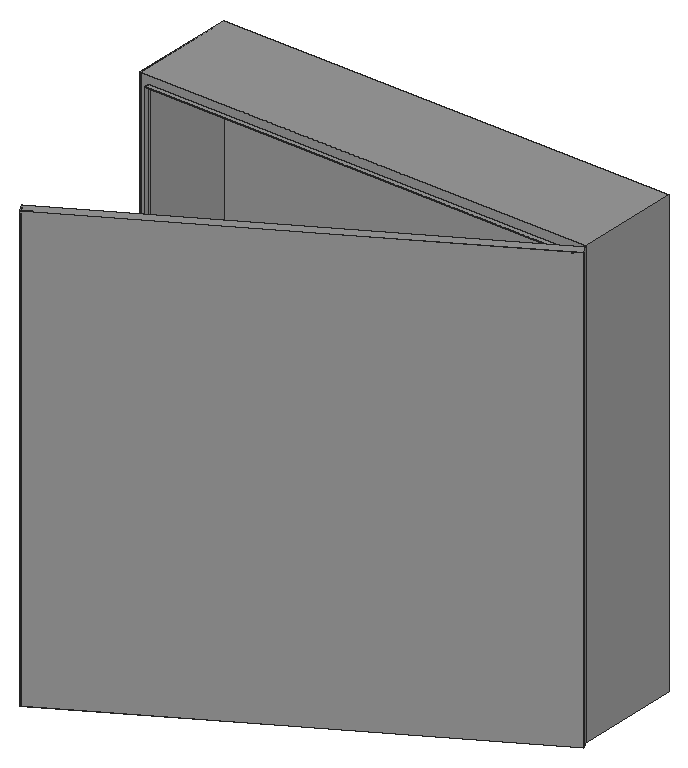
Revit family "Hager-Univers-IP44-D205-H800-Cl.II-Encl-NoHosted-PL-en", category Equipement électrique, Revit 2020
Family settings
  Configuration du panneau = Deux colonnes, circuits au sein
  Cote de connecteur circulaire = Utiliser le diamètre
  Type d'élément = Tableau de raccordement
  Basée sur le plan de construction = Oui
  Toujours verticalement = Oui
  Couper avec des vides une fois chargée = Non
  Partagée = Non
  Point de calcul de pièce = Non
Parameters (values of type "Surface mounted (plaster) IP44 W800 H800 D205  - FP53SN2")
  Width Control [instance] = if([EF000008 - Width] > Min Width, [EF000008 - Width], Min Width)  # 800 mm
  Commentaires du type = [HG000003 - Range]  # "Univers"
  Thickness Door [instance] = if([EF009171 - Material plate thickness door/cover] > 3 mm, 3 mm, [EF009171 - Material plate thickness door/cover])  # 1 mm
  Seal Frame Offset [instance] = 17 mm  # constant formula
  Plinth Visibility [instance] = [HG000027 - Plinth height] > 0 mm  # no
  Min Width [instance] = 100 mm  # constant formula
  Min Depth [instance] = (2 * [EF009170 - Material plate thickness cabinet]) + 1 mm  # 3 mm
  Min Height [instance] = 100 mm  # constant formula
  Internal Frame Depth [instance] = (Door System Depth * 0.5)  # 9 mm
  Panel Name [instance] = ""  # (empty or 0)
  Model = ""
  HG000027 - Plinth height = 0 mm
  HG000026 - Floor standing = no
  HG000024 - Bottom section height = 600 mm
  HG000023 - Double section enclosure = no
  HG000016 - Door 3d visibility [instance] = yes
  HG000015 - Clearance visibility [instance] = no
  HG000014 - Door on the right [instance] = yes
  HG000013 - Door on the left [instance] = not([HG000014 - Door on the right])  # no
  HG000012 - Door swing angle [instance] = 30.00°
  HG000010 - Asymmetric doors = no
  HG000009 - Double swing door = no
  HG000006 - Flush mounted = no
  HG000004 - Manufacturer reference = "FP53SN2"
  HG000003 - Range = "Univers"
  HG000002 - With door or cover = yes
  Frame Offset Bottom [instance] = 10 mm  # constant formula
  Frame Offset [instance] = 15 mm  # constant formula
  EF015940 - Cover with overpressure release = no
  EF011959 - Degree of protection (NEMA) = ""
  EF009554 - Number of openings for flange plates = 6
  EF009212 - Cover model = "EV000116 - Closed"
  EF009171 - Material plate thickness door/cover = 1 mm
  EF009170 - Material plate thickness cabinet = 1 mm
  EF008873 - Nominal current (In) = 250 A
  EF007800 - Suitable for lightning protection = no
  EF006306 - With lock = no
  EF006244 - Transparent cover/door = no
  EF005474 - Degree of protection (IP) = "EV006418 - IP44"
  EF004464 - Type of door = "EV002646 - Single"
  EF004427 - Number of modules = 180
  EF004293 - Impact strength = "EV006815 - IK09"
  EF003532 - Suitable for outdoor use = no
  EF002950 - Width in number of modular spacings = 36
  EF001613 - Circuit integrity = "EV000494 - None"
  EF001596 - Material housing = "EV000179 - Steel"
  EF001131 - Internal depth = 130 mm
  EF001088 - Extension possible = yes
  EF000437 - Number of conduit inlets = 6
  EF000339 - Type of cover = "EV004216 - Door"
  EF000266 - Number of rows = 5
  EF000218 - Built-in depth = 205 mm
  EF000118 - With mounting plate = no
  EF000116 - RAL-number = "9010"
  EF000049 - Depth = 205 mm
  EF000040 - Height = 800 mm
  EF000008 - Width = 800 mm
  EF000007 - Colour = "EV000202 - White"
  EF000003 - Mounting method = "EV000384 - Surface mounted (plaster)"
  Door System Leaf Tolerance [instance] = 1.5 mm  # constant formula
  Door System Depth [instance] = 18 mm  # constant formula
  Door Height [instance] = Height Control - [HG000027 - Plinth height]  # 800 mm
  Description = ""
  Default Elevation = 1219.2 mm
  Connector Offset [instance] = Height Control / 2  # 400 mm
  Fabricant = "Hager"  # constant formula
  Height Control [instance] = if([EF000040 - Height] > Min Height, [EF000040 - Height], Min Height)  # 800 mm
  Depth Control [instance] = if([EF000049 - Depth] > Min Depth, [EF000049 - Depth], Min Depth)  # 205 mm
  Bottom Top Plate Trim [instance] = 1.5 mm  # constant formula
  Plinth height Ctrl [instance] = if([HG000027 - Plinth height] > 0 mm, [HG000027 - Plinth height], 12 mm)  # 12 mm
Types (5, lengths in mm): name | Width Control | HG000010 - Asymmetric doors | HG000009 - Double swing door | HG000004 - Manufacturer reference | EF009554 - Number of openings for flange plates | EF004464 - Type of door | EF004427 - Number of modules | EF002950 - Width in number of modular spacings | EF000437 - Number of conduit inlets | EF000339 - Type of cover | EF000008 - Width
  Surface mounted (plaster) IP44 W1050 H800 D205  - FP54SN2 | 1050 | no | yes | "FP54SN2" | 8 | "EV003602 - Double" | 240 | 48 | 8 | "EV004216 - Door" | 1050
  Surface mounted (plaster) IP44 W1300 H800 D205  - FP55SN2 | 1300 | yes | yes | "FP55SN2" | 10 | "EV003602 - Double" | 300 | 60 | 10 | "EV004216 - Door" | 1300
  Surface mounted (plaster) IP44 W300 H800 D205  - FP51SN2 | 300 | no | no | "FP51SN2" | 2 | "EV002646 - Single" | 60 | 12 | 2 | "EV001012 - Cover" | 300
  Surface mounted (plaster) IP44 W550 H800 D205  - FP52SN2 | 550 | no | no | "FP52SN2" | 4 | "EV002646 - Single" | 120 | 24 | 4 | "EV001012 - Cover" | 550
  Surface mounted (plaster) IP44 W800 H800 D205  - FP53SN2 | 800 | no | no | "FP53SN2" | 6 | "EV002646 - Single" | 180 | 36 | 6 | "EV004216 - Door" | 800
Reference planes
  plane 1 "Center (Front/Back)": y = 0
  plane 2: z = 0
  plane 3 "Center (Left/Right)": x = 0
  plane 4: y = 0
  plane 5: y = 0
  plane 6: z = 0
  plane 7: x = -400
  plane 8: x = 400
  plane 9: x = 399
  plane 10: x = -399
  plane 11: z = 0
  plane 12: z = 1
  plane 13: y = -205
  plane 14: y = -1
  plane 15: x = 0
  plane 16: y = -187
  plane 17: y = -204
  plane 18: y = -186
  plane 19: x = -384
  plane 20: x = 384
  plane 21: z = 11
  plane 22: x = -383
  plane 23: x = 383
  plane 24: z = 0
  plane 25: z = 800
  plane 26: z = 800
  plane 27: z = 784
  plane 28: z = 799
Forms (mm)
  Extrusion 1, solid, material "Hager_Steel_RAL7035_Light_Grey", detail levels medium+fine
    sketch origin (-208.679, -4572, 0) x (-1, 0, 0) y (0, -1, 0)
      loop
        line (191.321, -4385) -> (-608.679, -4385) -> (-608.679, -4572) -> (191.321, -4572) -> (191.321, -4385)
    from 0 to 800
  Extrusion 2, void
    sketch origin (-350.771, -205, 1219.2) x (1, 0, 0) y (0, 0, 1)
      loop
        line (-48.229, -420.2) -> (-48.229, -1218.2) -> (749.771, -1218.2) -> (749.771, -420.2) -> (-48.229, -420.2)
    from -19 to -204
  Extrusion 3, void
    sketch origin (-290.084, -187, 1219.2) x (1, 0, 0) y (0, 0, 1)
      loop
        line (-93.916, -1208.2) -> (674.084, -1208.2) -> (674.084, -435.2) -> (-93.916, -435.2) -> (-93.916, -1208.2)
    from 0 to -1
  Extrusion 4, solid, material "Hager_Steel_RAL7035_Light_Grey", visible <- "Plinth Visibility", detail levels medium+fine
    sketch origin (0, 0, 0) x (1, 0, 0) y (0, 1, 0)
      loop
        line (-400, 0) -> (-400, -187) -> (400, -187) -> (400, 0) -> (-400, 0)
    from 0 to 12 <- "Plinth height Ctrl"
  Extrusion 5, solid, material "Hager_Steel_RAL7035_Light_Grey", detail levels coarse
    sketch origin (0, 0, 0) x (1, 0, 0) y (0, 1, 0)
      loop
        line (-400, 0) -> (-400, -205) -> (400, -205) -> (400, 0) -> (-400, 0)
    from 0 to 800 <- "Height Control"
  Sweep 6, void
    path in 3D
      loop
        line (-400, -187, 12) -> (400, -187, 12) -> (400, 0, 12) -> (-400, 0, 12) -> (-400, -187, 12)
    profile origin (-400, -93.5, 12) x (1, 0, 0) y (0, 0, 1)
      loop
        line (0, 0) -> (0, -1.5) -> (1.5, -1.5)
        arc (1.5, -1.5) -> (1.061, -0.439) -> (0, 0) r 1.5
  Extrusion 7, solid, material "Hager_Steel_RAL7035_Light_Grey", detail levels fine
    sketch origin (-400, -187, 0) x (1, 0, 0) y (0, 0, 1)
      loop
        line (16, 11) -> (784, 11) -> (784, 784) -> (16, 784) -> (16, 11)
      loop
        line (15, 10) -> (785, 10) -> (785, 785) -> (15, 785) -> (15, 10)
    from 0 to 9 <- "Internal Frame Depth"
Cuts and joins
  Extrusion 2, Extrusion 3 cuts Extrusion 1
  Sweep 6 cuts Extrusion 4
Lines and regions (mm)
  Masking region 1
    outline origin (0, 0, 0) x (1, 0, 0) y (0, 1, 0)
      loop
        line (-400, 0) -> (-400, -205) -> (400, -205) -> (400, 0) -> (-400, 0)
  Masking region 2, detail levels coarse
    outline origin (-290.084, -187, 1219.2) x (-1, 0, 0) y (0, 0, 1)
      loop
        line (-690.084, -1219.2) -> (109.916, -1219.2) -> (109.916, -419.2) -> (-690.084, -419.2) -> (-690.084, -1219.2)
  Masking region 3, detail levels coarse
    outline origin (0, 0, 0) x (0, 1, 0) y (0, 0, 1)
      loop
        line (0, 0) -> (0, 800) -> (-205, 800) -> (-205, 0) -> (0, 0)
  Masking region 4, visible <- "Plinth Visibility", detail levels medium+fine
    outline origin (0, 0, 0) x (0, 1, 0) y (0, 0, 1)
      loop
        line (-1.5, 12) -> (-185.5, 12)
        arc (-185.5, 12) -> (-185.939, 10.939) -> (-187, 10.5) r 1.5
        line (-187, 10.5) -> (-187, 0) -> (0, 0) -> (0, 10.5)
        arc (0, 10.5) -> (-1.061, 10.939) -> (-1.5, 12) r 1.5
  Masking region 5, detail levels medium+fine
    outline origin (0, 0, 594.038) x (0, 1, 0) y (0, 0, 1)
      loop
        line (0, -594.038) -> (0, 205.962) -> (-187, 205.962) -> (-187, -594.038) -> (0, -594.038)
  Masking region 6, detail levels medium+fine
    outline origin (-359.7, -187, 1211.883) x (-1, 0, 0) y (0, 0, 1)
      loop
        line (-759.7, -1211.883) -> (40.3, -1211.883) -> (40.3, -411.883) -> (-759.7, -411.883) -> (-759.7, -1211.883)
  Masking region 7, visible <- "Plinth Visibility", detail levels medium+fine
    outline origin (-320.334, -187, 1041.368) x (-1, 0, 0) y (0, 0, 1)
      loop
        line (-720.334, -1041.368) -> (79.666, -1041.368) -> (79.666, -1030.868)
        arc (79.666, -1030.868) -> (78.606, -1030.429) -> (78.166, -1029.368) r 1.5
        line (78.166, -1029.368) -> (-718.834, -1029.368)
        arc (-718.834, -1029.368) -> (-719.273, -1030.429) -> (-720.334, -1030.868) r 1.5
        line (-720.334, -1030.868) -> (-720.334, -1041.368)
  sketch lines
    curve 1: line (-400, 0, 12) -> (-400, -187, 12)
    curve 2: line (-400, -187, 12) -> (400, -187, 12)
    curve 3: line (400, 0, 12) -> (-400, 0, 12)
    curve 4: line (400, -187, 12) -> (400, 0, 12)
Dimensions and locks
  locked: plane 1 "Center (Front/Back)" to plane 5
  "EF009170 - Material plate thickness cabinet": plane 7 to plane 10
  "EF009170 - Material plate thickness cabinet": plane 8 to plane 9
  equal spacing: plane 7, plane 3 "Center (Left/Right)", plane 8
  "Width Control": plane 7 to plane 8
  "Depth Control": plane 4 to plane 13
  "EF009170 - Material plate thickness cabinet": plane 4 to plane 14
  "Height Control": plane 25 to level
  "HG000027 - Plinth height": plane 11 to level
  "EF009170 - Material plate thickness cabinet": plane 12 to plane 11
  "EF009170 - Material plate thickness cabinet": plane 17 to plane 13
  "EF009170 - Material plate thickness cabinet": plane 18 to plane 16
  "Frame Offset Bottom": plane 21 to plane 12
  "Frame Offset": plane 10 to plane 19
  "Frame Offset": plane 9 to plane 20
  "Door System Depth": plane 16 to plane 13
  "Seal Frame Offset": plane 7 to plane 22
  "Seal Frame Offset": plane 8 to plane 23
  "EF009170 - Material plate thickness cabinet": plane 26 to plane 28
  "Frame Offset": plane 28 to plane 27
  "Connector Offset": plane 2 to connector elem
  "Bottom Top Plate Trim": profile plane to Sweep 6 sketch curve
  "Bottom Top Plate Trim": Sweep 6 sketch curve to Sweep 6 sketch curve
  "Plinth height Ctrl": Masking region 4 sketch curve to level
  "Plinth height Ctrl": Masking region 7 sketch curve to level
  "Thickness Door": Extrusion 7 sketch curve to Extrusion 7 sketch curve  (x4)
  "Bottom Top Plate Trim": radius of Sweep 6 sketch curve
  "Bottom Top Plate Trim": radius of Masking region 4 sketch curve  (x2)
  "Bottom Top Plate Trim": radius of Masking region 7 sketch curve  (x2)
  aligned and locked: Extrusion 2 sketch curve to plane 12
  aligned and locked: Extrusion 2 sketch curve to plane 9
  aligned and locked: Extrusion 2 sketch curve to plane 10
  aligned and locked: Extrusion 2 to plane 14
  aligned and locked: Extrusion 1 sketch curve to plane 4
  aligned and locked: plane 8 to Extrusion 1 sketch curve
  aligned and locked: plane 7 to Extrusion 1 sketch curve
  aligned and locked: Extrusion 2 to plane 18
  aligned and locked: Extrusion 3 sketch curve to plane 19
  aligned and locked: plane 20 to Extrusion 3 sketch curve
  aligned and locked: Extrusion 3 to Extrusion 2
  aligned and locked: Extrusion 3 sketch curve to plane 21
  aligned and locked: plane 3 "Center (Left/Right)" to nested 1
  aligned and locked: Extrusion 1 sketch curve to plane 16
  aligned and locked: Extrusion 4 sketch curve to cut or joined group of Extrusion 1, Extrusion 2, Extrusion 3
  aligned and locked: Masking region 1 sketch curve to plane 7
  aligned and locked: Masking region 1 sketch curve to plane 5
  aligned and locked: Masking region 1 sketch curve to plane 8
  aligned and locked: Masking region 2 sketch curve to level
  aligned and locked: level to Masking region 3 sketch curve
  aligned and locked: plane 1 "Center (Front/Back)" to Masking region 3 sketch curve
  aligned and locked: plane 13 to Masking region 3 sketch curve
  aligned and locked: plane 5 to Masking region 4 sketch curve
  aligned and locked: Masking region 2 sketch curve to plane 8
  aligned and locked: Masking region 2 sketch curve to plane 7
  aligned and locked: plane 7 to nested 2
  aligned and locked: nested 2 to plane 5
  aligned and locked: plane 5 to Masking region 5 sketch curve
  aligned and locked: plane 26 to Masking region 5 sketch curve
  aligned and locked: Extrusion 5 sketch curve to plane 8
  aligned and locked: Extrusion 5 sketch curve to plane 7
  aligned and locked: Extrusion 5 sketch curve to plane 5
  aligned and locked: Extrusion 3 sketch curve to plane 27
  aligned and locked: Extrusion 2 sketch curve to plane 28
  aligned and locked: Masking region 2 to plane 25
  aligned and locked: Extrusion 4 to plane 16
  aligned and locked: profile plane to Sweep 6 sketch curve
  aligned and locked: Masking region 5 sketch curve to plane 24
  aligned and locked: level to Masking region 4 sketch curve
  aligned and locked: Masking region 1 to plane 13
  aligned and locked: nested 1 to plane 16
  aligned and locked: Masking region 3 to plane 25
  aligned and locked: plane 16 to Masking region 4 sketch curve
  aligned and locked: Masking region 5 sketch curve to plane 16
  aligned and locked: plane 24 to plane 11
  aligned and locked: plane 26 to plane 25
  aligned and locked: plane 26 to cut or joined group of Extrusion 1, Extrusion 2, Extrusion 3
  aligned and locked: nested 1 to plane 24
  aligned and locked: Extrusion 1 to Extrusion 3
  aligned and locked: Masking region 6 sketch curve to plane 8
  aligned and locked: Masking region 6 sketch curve to plane 24
  aligned and locked: Masking region 6 sketch curve to plane 7
  aligned and locked: Masking region 6 sketch curve to plane 26
  aligned and locked: Masking region 7 sketch curve to plane 7
  aligned and locked: level to Masking region 7 sketch curve
  aligned and locked: Masking region 7 sketch curve to plane 8
  aligned and locked: Extrusion 7 sketch curve to cut or joined group of Extrusion 1, Extrusion 2, Extrusion 3  (x4)
Automatic sketch dimensions
  plane 19 to Extrusion 3 sketch curve = 0 mm
  Extrusion 3 sketch curve to plane 20 = 0 mm
  Extrusion 3 sketch curve to plane 21 = 0 mm
  Extrusion 4 sketch curve to plane 7 = 0 mm
  Extrusion 4 sketch curve to plane 8 = 0 mm
  Extrusion 4 sketch curve to plane 16 = 0 mm
  Masking region 1 sketch curve to plane 13 = 0 mm
  Masking region 2 sketch curve to plane 25 = 0 mm
  Masking region 3 sketch curve to plane 25 = 0 mm
  Extrusion 5 sketch curve to plane 13 = 0 mm
  profile plane to Sweep 6 sketch curve = 0 mm
Nested families
  nested 1: "EC000058_Univers_Door" at (0, -187, 0), Double <- "HG000009 - Double swing door", Transparent <- "EF006244 - Transparent cover/door", Angle <- "HG000012 - Door swing angle", Door_Right <- "HG000014 - Door on the right", Assymetrical <- "HG000010 - Asymmetric doors", Door <- "HG000002 - With door or cover", Width_Ctrl <- "Width Control", 3d_Door <- "HG000016 - Door 3d visibility", Clearance <- "HG000015 - Clearance visibility", Door_Left <- "HG000013 - Door on the left", Width <- "Width Control", Door_Depth <- "Door System Depth", Leaf_Tolerance <- "Door System Leaf Tolerance", Height <- "Door Height", Lock_Visibility <- "EF006306 - With lock", Thickness <- "Thickness Door", type "EC000058_Univers_Door", detail levels medium+fine
    with min_wh 3 mm, Width_Ctrl 800 mm, Width 800 mm, Transparent no, Thickness 1 mm, Seal_Material Hager_Rubber, Lock_Visibility no, Lock_Material Hager_Plastic_RAL9005_Jet_Black, Leaf_Width 800 mm, Leaf_Tolerance_External_Sides 0 mm, Leaf_Tolerance 1.5 mm, Leaf_Offset 0 mm, Leaf_Height 797 mm, Leaf_2_Width 800 mm, Leaf_2_Offset 400 mm, Leaf_1_Width 800 mm, Leaf_1_Offset 400 mm, Height_Ctrl 800 mm, Height 800 mm, Glass_Material Hager_Glass, Double_Clearance_Ctrl no, Double no, Door_Right_Ctrl yes, Door_Right yes, Door_Material Hager_Steel_RAL7035_Light_Grey, Door_Left_Ctrl no, Door_Left no, Door_Depth 18 mm, Door yes, Clearance_Material Hager_Clearance, Clearance_Depth 800 mm, Clearance_Ctrl no, Clearance no, Assymetrical no, Angle 30.00°, 3d_Door yes
  nested 2: "Hager_Enclosure_Symbol" at (-400, 0, 0), Height <- "Depth Control", Width <- "Width Control", type "Hager_Enclosure_Symbol"
    with Width_Ctrl 800 mm, Width 800 mm, Height_Ctrl 205 mm, Height 205 mm, A_Width_Int 13.453 mm, A_Width 161.438 mm, A_Height_Ctrl 179.375 mm, A_Height 179.375 mm
Connectors
  electrical at (0, 0, 400)
    settings: on plane 1 "Center (Front/Back)", index 1, voltage 0 V, apparent load 0 VA, apparent load phase1 0 VA, apparent load phase2 0 VA, apparent load phase3 0 VA, power factor 1, load classification "Other", number of poles 1, system type 30, power factor state 1, is connector primary yes, connector utility no, sub classification motor no, connector description ""
Definition of nested family "EC000058_Univers_Door"
  Parameters (values of type "EC000058_Univers_Door")
    min_wh [instance] = (2 * Thickness) + 1 mm  # 11 mm
    Width_Ctrl [instance] = 400 mm
    Width [instance] = 500 mm
    Transparent [instance] = yes
    Thickness [instance] = 5 mm
    Seal_Material [instance] = none
    Lock_Visibility [instance] = yes
    Lock_Material [instance] = none
    Leaf_Width [instance] = if((Width_Ctrl - 2 * Leaf_Tolerance_External_Sides) > 0 mm, (Width_Ctrl - 2 * Leaf_Tolerance_External_Sides), min_wh)  # 400 mm
    Leaf_Tolerance_External_Sides [instance] = 0 mm  # constant formula
    Leaf_Tolerance [instance] = 1.5 mm
    Leaf_Offset [instance] = 0 mm  # constant formula
    Leaf_Height [instance] = if((Height_Ctrl - 2 * Leaf_Tolerance) > 0 mm, (Height_Ctrl - 2 * Leaf_Tolerance), min_wh)  # 497 mm
    Leaf_2_Width [instance] = if(and(and(Double, Assymetrical), Door_Left), (Leaf_Width / 3) - (Leaf_Tolerance / 2), if(and(and(Double, Assymetrical), Door_Right), (Leaf_Width / 3) * 2 - (Leaf_Tolerance / 2), if(and(Double, not(Assymetrical)), (Leaf_Width / 2) - Leaf_Tolerance, Leaf_Width)))  # 400 mm
    Leaf_2_Offset [instance] = if(and(Double, Assymetrical), Leaf_2_Width / 2, if(and(Double, not(Assymetrical)), Leaf_Width / 4, Leaf_Width / 2))  # 200 mm
    Leaf_1_Width [instance] = if(and(and(Double, Assymetrical), Door_Right), (Leaf_Width / 3) - (Leaf_Tolerance / 2), if(and(and(Double, Assymetrical), Door_Left), (Width / 3) * 2 - (Leaf_Tolerance / 2), if(and(Double, not(Assymetrical)), (Leaf_Width / 2) - Leaf_Tolerance, Leaf_Width)))  # 400 mm
    Leaf_1_Offset [instance] = if(and(Double, Assymetrical), Leaf_1_Width / 2, if(and(Double, not(Assymetrical)), Leaf_Width / 4, Leaf_Width / 2))  # 200 mm
    Height_Ctrl [instance] = if(Height > min_wh, Height, min_wh)  # 500 mm
    Height [instance] = 500 mm
    Glass_Material [instance] = none
    Double_Clearance_Ctrl [instance] = and(Double, Clearance)  # no
    Double [instance] = no
    Door_Right_Ctrl [instance] = and(or(Door_Right, Double), Door)  # yes
    Door_Right [instance] = yes
    Door_Material [instance] = none
    Door_Left_Ctrl [instance] = and(or(Door_Left, Double), Door)  # no
    Door_Left [instance] = no
    Door_Depth [instance] = 30 mm
    Door [instance] = yes
    Default Elevation = 1219.2 mm
    Clearance_Material [instance] = none
    Clearance_Depth [instance] = if(Leaf_1_Width > Leaf_2_Width, Leaf_1_Width, Leaf_2_Width)  # 400 mm
    Clearance_Ctrl [instance] = and(not(Double), Clearance)  # yes
    Clearance [instance] = yes
    Assymetrical [instance] = yes
    Angle [instance] = 30.00°
    3d_Door [instance] = yes
  Reference planes
    plane 1 "Center (Front/Back)": y = 0
    plane 2 "Bottom": z = 0
    plane 3 "Center (Left/Right)": x = 0
    plane 4: z = 500
    plane 5: x = -200
    plane 6: x = 200
    plane 7: z = 500
    plane 8: x = -200
    plane 9: z = 0
    plane 10: x = 200
    plane 11: y = 0
    plane 12: z = 1.5
    plane 13: x = -600
    plane 14: y = -400
    plane 15: x = 600
    plane 16: x = 0
    plane 17: x = 0
    plane 18: x = -200
    plane 19: x = 200
    plane 20: z = 498.5
  Forms (mm)
    Extrusion 1, solid, material <- "Clearance_Material", visible <- "Double_Clearance_Ctrl"
      sketch origin (1200, 0, 0) x (1, 0, 0) y (0, 0, -1)
        loop
          line (-1800, -498.5) -> (-600, -498.5) -> (-600, 0) -> (-1800, 0) -> (-1800, -498.5)
      from 0 to -400
  Dimensions and locks
    equal spacing: plane 5, plane 3 "Center (Left/Right)", plane 6
    "Width_Ctrl": plane 5 to plane 6
    "Leaf_Offset": plane 5 to plane 8
    "Leaf_Offset": plane 6 to plane 10
    "Leaf_Offset": plane 9 to level
    "Leaf_Offset": plane 4 to plane 7
    "Height_Ctrl": plane 4 to level
    "Leaf_Tolerance": plane 12 to plane 9
    locked: plane 11 to plane 1 "Center (Front/Back)"
    "Leaf_1_Offset": plane 18 to plane 16
    "Leaf_2_Offset": plane 17 to plane 19
    "Leaf_1_Width": plane 13 to plane 8
    "Leaf_2_Width": plane 10 to plane 15
    "Clearance_Depth": plane 14 to plane 1 "Center (Front/Back)"
    "Leaf_Tolerance_External_Sides": plane 8 to plane 18
    "Leaf_Tolerance_External_Sides": plane 19 to plane 10
    "Leaf_Tolerance": plane 7 to plane 20
    aligned and locked: level to plane 2 "Bottom"
    aligned and locked: nested 1 to plane 16
    aligned and locked: nested 2 to plane 17
    aligned and locked: Extrusion 1 to plane 13
    aligned and locked: plane 15 to Extrusion 1
    aligned and locked: Extrusion 1 to plane 14
    aligned and locked: plane 12 to nested 1
    aligned and locked: nested 2 to plane 12
    aligned and locked: Extrusion 1 to plane 11
    aligned and locked: plane 20 to Extrusion 1
    aligned and locked: nested 2 to plane 11
    aligned and locked: nested 1 to plane 11
  Automatic sketch dimensions
    Extrusion 1 sketch curve to level = 0 mm
    plane 5 to Extrusion 1 sketch curve = 400 mm
    plane 6 to Extrusion 1 sketch curve = 400 mm
    Extrusion 1 sketch curve to plane 4 = 1.5 mm
  Nested families
    nested 1: "EC000058_Univers_Door_Leaf" at (0, 0, 1.5), Width <- "Leaf_1_Width", visible <- "Door_Left_Ctrl", Leaf_Height <- "Leaf_Height", Angle <- "Angle", 3d_Door <- "3d_Door", Transparent <- "Transparent", Clearance Material <- "Clearance_Material", Clearance <- "Clearance_Ctrl", Door_Material <- "Door_Material", Glass_Material <- "Glass_Material", Door_Depth <- "Door_Depth", Lock_Material <- "Lock_Material", Seal_Material <- "Seal_Material", Lock_Visibility <- "Lock_Visibility", Thickness <- "Thickness", type "EC000058_Univers_Door_Leaf"
      with Width 400 mm, Transparent_Glass_Offset 30 mm, Transparent_Ctrl yes, Transparent yes, Thickness 5 mm, Standard no, Seal_Material none, Seal_D2 8 mm, Seal_D1 1 mm, Offset_Internal_Frame 10 mm, Lock_Width 20 mm, Lock_Visibility_3d yes, Lock_Visibility yes, Lock_Thickness_3 3 mm, Lock_Thickness_2 1 mm, Lock_Thickness_1 3 mm, Lock_Radius_Offset_2 16 mm, Lock_Radius_Offset_1 15 mm, Lock_Radius_2 5 mm, Lock_Radius 6 mm, Lock_Offset 5 mm, Lock_Material none, Lock_Height 80 mm, Lock_Cover_Top_Offset_2d 17 mm, Lock_Cover_Height -65 mm, Leaf_Height 497 mm, Internal_Seal_Thickness 8 mm, Internal_Seal_Depth_2 4.5 mm, Internal_Frame_Depth 25 mm, Glass_Thickness -1 mm, Glass_Offset -2 mm, Glass_Material none, Door_Material none, Door_Depth 30 mm, Clearance Material none, Clearance yes, Angle_Ctrl 30.00°, Angle 30.00°, 3d_Door yes
    nested 2: "EC000058_Univers_Door_Leaf" at (0, 0, 1.5) x (-1, 0, 0) z (0, 0, 1), Width <- "Leaf_2_Width", visible <- "Door_Right_Ctrl", Leaf_Height <- "Leaf_Height", Angle <- "Angle", 3d_Door <- "3d_Door", Transparent <- "Transparent", Clearance Material <- "Clearance_Material", Clearance <- "Clearance_Ctrl", Door_Material <- "Door_Material", Glass_Material <- "Glass_Material", Door_Depth <- "Door_Depth", Lock_Material <- "Lock_Material", Seal_Material <- "Seal_Material", Lock_Visibility <- "Lock_Visibility", Thickness <- "Thickness", type "EC000058_Univers_Door_Leaf"
      with Width 400 mm, Transparent_Glass_Offset 30 mm, Transparent_Ctrl yes, Transparent yes, Thickness 5 mm, Standard no, Seal_Material none, Seal_D2 8 mm, Seal_D1 1 mm, Offset_Internal_Frame 10 mm, Lock_Width 20 mm, Lock_Visibility_3d yes, Lock_Visibility yes, Lock_Thickness_3 3 mm, Lock_Thickness_2 1 mm, Lock_Thickness_1 3 mm, Lock_Radius_Offset_2 16 mm, Lock_Radius_Offset_1 15 mm, Lock_Radius_2 5 mm, Lock_Radius 6 mm, Lock_Offset 5 mm, Lock_Material none, Lock_Height 80 mm, Lock_Cover_Top_Offset_2d 17 mm, Lock_Cover_Height -65 mm, Leaf_Height 497 mm, Internal_Seal_Thickness 8 mm, Internal_Seal_Depth_2 4.5 mm, Internal_Frame_Depth 25 mm, Glass_Thickness -1 mm, Glass_Offset -2 mm, Glass_Material none, Door_Material none, Door_Depth 30 mm, Clearance Material none, Clearance yes, Angle_Ctrl 30.00°, Angle 30.00°, 3d_Door yes
  Definition of nested family "EC000058_Univers_Door_Leaf"
    Parameters (values of type "EC000058_Univers_Door_Leaf")
      Width [instance] = 2000 mm
      Transparent_Glass_Offset [instance] = 30 mm
      Transparent_Ctrl [instance] = and(Transparent, [3d_Door])  # yes
      Transparent [instance] = yes
      Thickness [instance] = 5 mm
      Standard [instance] = and(not(Transparent), [3d_Door])  # no
      Seal_Material [instance] = none
      Seal_D2 [instance] = 8 mm  # constant formula
      Seal_D1 [instance] = 1 mm  # constant formula
      Offset_Internal_Frame [instance] = 10 mm  # constant formula
      Lock_Width [instance] = 20 mm  # constant formula
      Lock_Visibility_3d [instance] = and(Lock_Visibility, [3d_Door])  # yes
      Lock_Visibility [instance] = yes
      Lock_Thickness_3 [instance] = 3 mm  # constant formula
      Lock_Thickness_2 [instance] = 1 mm  # constant formula
      Lock_Thickness_1 [instance] = 3 mm  # constant formula
      Lock_Radius_Offset_2 [instance] = Lock_Radius_Offset_1 + 1 mm  # 16 mm
      Lock_Radius_Offset_1 [instance] = 15 mm  # constant formula
      Lock_Radius_2 [instance] = Lock_Radius - 1 mm  # 5 mm
      Lock_Radius [instance] = 6 mm  # constant formula
      Lock_Offset [instance] = 5 mm  # constant formula
      Lock_Material [instance] = none
      Lock_Height [instance] = 80 mm  # constant formula
      Lock_Cover_Top_Offset_2d [instance] = Lock_Radius_Offset_2 + 1 mm  # 17 mm
      Lock_Cover_Height [instance] = -(Lock_Height - Lock_Radius_Offset_1)  # -65 mm
      Leaf_Height [instance] = 2720.336 mm
      Internal_Seal_Thickness [instance] = 8 mm  # constant formula
      Internal_Seal_Depth_2 [instance] = 4.5 mm  # constant formula
      Internal_Frame_Depth [instance] = if(Door_Depth - Thickness > 5 mm, Door_Depth - Thickness, 5 mm)  # 25 mm
      Glass_Thickness [instance] = if(Thickness > 15 mm, Glass_Offset + 10 mm, -1 mm)  # -1 mm
      Glass_Offset [instance] = if(Thickness > 15 mm, -(Thickness + 10 mm) / 2, -2 mm)  # -2 mm
      Glass_Material [instance] = none
      Door_Material [instance] = none
      Door_Depth [instance] = 30 mm
      Default Elevation = 0 mm
      Clearance Material [instance] = none
      Clearance [instance] = yes
      Angle_Ctrl [instance] = if(Angle > 180.00°, 180.00°, Angle)  # 90.00°
      Angle [instance] = 90.00°
      3d_Door [instance] = yes
    Reference planes
      plane 1 "Center (Front/Back)": y = 0
      plane 2: z = 0
      plane 3 "Center (Left/Right)": x = 0
      plane 4: y = 2000
      plane 5: x = -1000
      plane 6: x = 1000
      plane 7: x = -3000
      plane 8: z = 2720.336
      plane 9: z = 30
      plane 10: z = 2690.336
      plane 11: x = 970
      plane 12: x = -970
      plane 13: y = -3
      plane 14: z = 107.833
      plane 15: y = -5
      plane 16: y = -223.314
      plane 17: x = -1000
      plane 18: z = 1360.168
      plane 19: y = 30
    Forms (mm)
      Extrusion 1, solid, material <- "Clearance Material", visible <- "Clearance"
        sketch origin (0, 0, 0) x (1, 0, 0) y (0, 0, 1)
          loop
            line (-3000, 2720.336) -> (-3000, 0) -> (1000, 0) -> (1000, 2720.336) -> (-3000, 2720.336)
        from 0 to -2000
      Extrusion 2, solid, material <- "Door_Material", visible <- "Standard", detail levels medium+fine
        sketch origin (-1000, 0, 0) x (0, 1, 0) y (-1, 0, 0)
          loop
            line (0, 30) -> (0, 25) -> (2000, 25) -> (2000, 30) -> (0, 30)
        from 0 to 2720.336 <- "Leaf_Height"
      Extrusion 3, solid, material <- "Door_Material", visible <- "Transparent_Ctrl", detail levels medium+fine
        sketch origin (-1000, 0, 0) x (0, 1, 0) y (-1, 0, 0)
          loop
            line (0, 25) -> (2000, 25) -> (2000, 30) -> (0, 30) -> (0, 25)
        from 0 to 2720.336 <- "Leaf_Height"
      Extrusion 4, void
        sketch origin (-1025, 2000, 0) x (0, 1, 0) y (0, 0, -1)
          loop
            line (-30, -2690.336) -> (-30, -30) -> (-1970, -30) -> (-1970, -2690.336) -> (-30, -2690.336)
        from 0 to 5 <- "Thickness"
      Sweep 5, solid, material <- "Seal_Material", visible <- "Transparent_Ctrl", detail levels fine
        path in 3D
          loop
            line (-1025, 30, 30) -> (-1025, 30, 2690.336) -> (-1025, 1970, 2690.336) -> (-1025, 1970, 30) -> (-1025, 30, 30)
        profile origin (-1025, 1000, 30) x (1, 0, 0) y (0, 0, 1)
          loop
            line (0, 0) -> (0, -8) -> (1, -8) -> (1, 0) -> (0, 0)
      Extrusion 6, solid, material <- "Glass_Material", visible <- "Transparent_Ctrl", detail levels medium+fine
        sketch origin (-1030, 0, 0) x (0, 1, 0) y (0, 0, -1)
          loop
            line (1970, -2690.336) -> (1970, -30) -> (30, -30) -> (30, -2690.336) -> (1970, -2690.336)
        from -2 <- "Glass_Offset" to -1 <- "Glass_Thickness"
      Extrusion 7, solid, material <- "Door_Material", visible <- "3d_Door", detail levels medium+fine
        sketch origin (-1025, 2000, 0) x (0, -1, 0) y (0, 0, -1)
          loop
            line (0, -2720.336) -> (2000, -2720.336) -> (2000, 0) -> (0, 0) -> (0, -2720.336)
          loop
            line (1995, -5) -> (5, -5) -> (5, -2715.336) -> (1995, -2715.336) -> (1995, -5)
        from 0 to 25 <- "Internal_Frame_Depth"
      Sweep 8, solid, material <- "Seal_Material", visible <- "Transparent_Ctrl", detail levels fine
        path in 3D
          loop
            line (-1025, 0, 0) -> (-1025, 2000, 0) -> (-1025, 2000, 2720.336) -> (-1025, 0, 2720.336) -> (-1025, 0, 0)
        profile origin (-1025, 0, 1360.168) x (1, 0, 0) y (0, 1, 0)
          loop
            line (0, 10) -> (2.975, 10)
            arc (2.975, 10) -> (4.053, 10.447) -> (4.5, 11.525) r 1.525
            line (4.5, 11.525) -> (4.5, 16.527)
            arc (4.5, 16.527) -> (4.069, 17.569) -> (3.027, 18) r 1.473
            line (3.027, 18) -> (0, 18) -> (0, 10)
      Extrusion 9, solid, material <- "Lock_Material", visible <- "Lock_Visibility_3d", detail levels fine
        sketch origin (-1030, 0, 0) x (0, 1, 0) y (0, 0, -1)
          loop
            arc (1993.5, -1400.168) -> (1994.561, -1399.729) -> (1995, -1398.668) r 1.5
            line (1995, -1398.668) -> (1995, -1320.168) -> (1975, -1320.168) -> (1975, -1398.668)
            arc (1975, -1398.668) -> (1975.439, -1399.729) -> (1976.5, -1400.168) r 1.5
            line (1976.5, -1400.168) -> (1993.5, -1400.168)
        from 3 <- "Lock_Thickness_1" to 0
      Blend 10, solid, material <- "Lock_Material", visible <- "Lock_Visibility_3d", detail levels fine
        base sketch origin (-1033, 0, 0) x (0, 1, 0) y (0, 0, -1)
          loop
            line (1975, -1320.168) -> (1975, -1398.668)
            arc (1975, -1398.668) -> (1975.439, -1399.729) -> (1976.5, -1400.168) r 1.5
            line (1976.5, -1400.168) -> (1993.5, -1400.168)
            arc (1993.5, -1400.168) -> (1994.561, -1399.729) -> (1995, -1398.668) r 1.5
            line (1995, -1398.668) -> (1995, -1320.168) -> (1975, -1320.168)
        top sketch origin (-1033, 0, 0) x (0, 1, 0) y (0, 0, -1)
          loop
            line (1976, -1320.168) -> (1976, -1398.668)
            arc (1976, -1398.668) -> (1976.146, -1399.022) -> (1976.5, -1399.168) r 0.5
            line (1976.5, -1399.168) -> (1993.5, -1399.168)
            arc (1993.5, -1399.168) -> (1993.854, -1399.022) -> (1994, -1398.668) r 0.5
            line (1994, -1398.668) -> (1994, -1320.168) -> (1976, -1320.168)
        from 0 to 1 <- "Lock_Thickness_2"
      Blend 11, solid, material <- "Lock_Material", visible <- "Lock_Visibility_3d", detail levels fine
        base sketch origin (-1034, 0, 0) x (0, 1, 0) y (0, 0, -1)
          loop
            line (1978, -1320.168) -> (1978, -1384.168)
            arc (1978, -1384.168) -> (1985, -1391.168) -> (1992, -1384.168) r 7
            line (1992, -1384.168) -> (1992, -1320.168) -> (1978, -1320.168)
        top sketch origin (-1034, 0, 0) x (0, 1, 0) y (0, 0, -1)
          loop
            line (1991, -1320.168) -> (1979, -1320.168) -> (1979, -1383.168)
            arc (1979, -1383.168) -> (1985, -1389.168) -> (1991, -1383.168) r 6
            line (1991, -1383.168) -> (1991, -1320.168)
        from 0 to 3 <- "Lock_Thickness_3"
      Extrusion 12, solid, material <- "Lock_Material", visible <- "Lock_Visibility_3d", detail levels fine
        sketch origin (-1030, 1975, 1320.168) x (1, 0, 0) y (0, -1, 0)
          loop
            line (-7, -19) -> (-7, -1) -> (0, -1) -> (0, 0) -> (-8, 0) -> (-8, -20) -> (0, -20) -> (0, -19) -> (-7, -19)
        from 0 to -65 <- "Lock_Cover_Height"
      Extrusion 13, void
        sketch origin (-1038, 1995, 1320.168) x (-1, 0, 0) y (0, 0, -1)
          loop
            line (-5, -65) -> (0, -65) -> (-5, -60) -> (-5, -65)
        from 0 to 20 <- "Lock_Width"
      Extrusion 14, void
        sketch origin (-1038, 1975, 1320.168) x (0, -1, 0) y (0, 0, -1)
          loop
            circle (-10, -15.995) r 6
          loop
            circle (-10, -15.995) r 5
        from 0 to 2
      Extrusion 15, solid, material <- "Lock_Material", visible <- "Lock_Visibility_3d", detail levels medium
        sketch origin (-1030, 0, 0) x (0, 1, 0) y (0, 0, -1)
          loop
            arc (1993.5, -1400.168) -> (1994.561, -1399.729) -> (1995, -1398.668) r 1.5
            line (1995, -1398.668) -> (1995, -1320.168) -> (1975, -1320.168) -> (1975, -1398.668)
            arc (1975, -1398.668) -> (1975.439, -1399.729) -> (1976.5, -1400.168) r 1.5
            line (1976.5, -1400.168) -> (1993.5, -1400.168)
        from 8 to 0
    Cuts and joins
      Extrusion 4 cuts Extrusion 3
      Extrusion 13, Extrusion 14 cuts Extrusion 9
      Extrusion 14 cuts Blend 11
      Extrusion 13, Extrusion 14 cuts Extrusion 12
      joined: Extrusion 9, Blend 10, Blend 11, Extrusion 12
      Extrusion 14 cuts Extrusion 15
    Lines and regions (mm)
      Masking region 1, visible <- "Lock_Visibility", detail levels fine
        outline origin (0, 0, 0) x (0, 1, 0) y (0, 0, 1)
          loop
            line (30, 1320.168) -> (33, 1320.168) -> (33, 1400.168) -> (30, 1400.168) -> (30, 1320.168)
      Masking region 2, visible <- "Lock_Visibility", detail levels fine
        outline origin (0, 3.143, 0) x (0, 1, 0) y (0, 0, 1)
          loop
            line (29.857, 1354.168) -> (30.857, 1354.168) -> (30.857, 1366.168) -> (29.857, 1366.168) -> (29.857, 1354.168)
      Masking region 3, detail levels medium+fine
        outline origin (0, 0, 0) x (0, 1, 0) y (0, 0, 1)
          loop
            line (0, 0) -> (30, 0) -> (30, 2720.336) -> (0, 2720.336) -> (0, 0)
      Masking region 4, detail levels medium+fine
        outline origin (0, 0, 0) x (1, 0, 0) y (0, 0, 1)
          loop
            line (-1000, 2720.336) -> (-1000, 0) -> (1000, 0) -> (1000, 2720.336) -> (-1000, 2720.336)
      Masking region 5, visible <- "Lock_Visibility", detail levels fine
        outline origin (-47.116, 0, 0) x (1, 0, 0) y (0, 0, 1)
          loop
            arc (1024.616, 1399.168) -> (1023.556, 1398.729) -> (1023.116, 1397.668) r 1.5
            line (1023.116, 1397.668) -> (1023.116, 1320.168) -> (1041.116, 1320.168) -> (1041.116, 1397.668)
            arc (1041.116, 1397.668) -> (1040.677, 1398.729) -> (1039.616, 1399.168) r 1.5
            line (1039.616, 1399.168) -> (1024.616, 1399.168)
      Masking region 6, visible <- "Lock_Visibility", detail levels medium+fine
        outline origin (-25, 0, 0) x (1, 0, 0) y (0, 0, 1)
          loop
            arc (1001.5, 1400.168) -> (1000.439, 1399.729) -> (1000, 1398.668) r 1.5
            line (1000, 1398.668) -> (1000, 1320.168) -> (1020, 1320.168) -> (1020, 1398.668)
            arc (1020, 1398.668) -> (1019.561, 1399.729) -> (1018.5, 1400.168) r 1.5
            line (1018.5, 1400.168) -> (1001.5, 1400.168)
      Masking region 7, visible <- "Lock_Visibility", detail levels fine
        outline origin (-73.735, 0, 0) x (1, 0, 0) y (0, 0, 1)
          loop
            line (1051.735, 1382.168) -> (1065.735, 1382.168) -> (1065.735, 1384.168)
            arc (1065.735, 1384.168) -> (1058.735, 1391.168) -> (1051.735, 1384.168) r 7
            line (1051.735, 1384.168) -> (1051.735, 1382.168)
      Masking region 8, visible <- "Lock_Visibility", detail levels fine
        outline origin (-73.735, 0, 0) x (1, 0, 0) y (0, 0, 1)
          loop
            line (1052.735, 1382.168) -> (1064.735, 1382.168) -> (1064.735, 1383.168)
            arc (1064.735, 1383.168) -> (1058.735, 1389.168) -> (1052.735, 1383.168) r 6
            line (1052.735, 1383.168) -> (1052.735, 1382.168)
      Masking region 9, visible <- "Lock_Visibility", detail levels fine
        outline origin (-25, 0, 0) x (1, 0, 0) y (0, 0, 1)
          loop
            line (1020, 1320.168) -> (1020, 1382.168) -> (1000, 1382.168) -> (1000, 1320.168) -> (1020, 1320.168)
      Masking region 10, detail levels medium+fine
        outline origin (0, 0, 0) x (1, 0, 0) y (0, 0, 1)
          loop
            circle (985, 1335.144) r 6
      Masking region 11, detail levels fine
        outline origin (0, 0, 0) x (1, 0, 0) y (0, 0, 1)
          loop
            circle (985, 1335.144) r 5
      Masking region 12, visible <- "Lock_Visibility", detail levels fine
        outline origin (0, 12.767, 0) x (0, 1, 0) y (0, 0, 1)
          loop
            line (20.233, 1320.168) -> (21.233, 1320.168) -> (21.233, 1399.168) -> (20.233, 1400.168) -> (20.233, 1320.168)
      Masking region 13, visible <- "Lock_Visibility", detail levels fine
        outline origin (0, 13.767, -10) x (0, 1, 0) y (0, 0, 1)
          loop
            line (20.233, 1330.168) -> (23.233, 1330.168) -> (23.233, 1399.168) -> (20.233, 1402.168) -> (20.233, 1330.168)
      Masking region 14, visible <- "Lock_Visibility", detail levels fine
        outline origin (0, 12.767, -10) x (0, 1, 0) y (0, 0, 1)
          loop
            line (20.233, 1330.168) -> (25.233, 1330.168) -> (25.233, 1399.305) -> (20.233, 1394.305) -> (20.233, 1330.168)
      Masking region 15, visible <- "Lock_Visibility", detail levels medium
        outline origin (0, 0, 0) x (0, 1, 0) y (0, 0, 1)
          loop
            line (30, 1320.168) -> (38, 1320.168) -> (38, 1400.168) -> (30, 1400.168) -> (30, 1320.168)
      Masking region 16, visible <- "Lock_Visibility", detail levels fine
        outline origin (-1000, 0, 0) x (0, 1, 0) y (-1, 0, 0)
          loop
            line (1975, 30) -> (1995, 30) -> (1995, 38) -> (1975, 38) -> (1975, 30)
          loop
            line (1979, 37) -> (1976, 37) -> (1976, 34) -> (1978, 34) -> (1979, 37)
          loop
            line (1994, 37) -> (1991, 37) -> (1992, 34) -> (1994, 34) -> (1994, 37)
      Masking region 17, visible <- "Lock_Visibility", detail levels medium
        outline origin (-1000, 0, 0) x (0, 1, 0) y (-1, 0, 0)
          loop
            line (1975, 30) -> (1995, 30) -> (1995, 38) -> (1975, 38) -> (1975, 30)
      symbolic lines
        curve 1: line (1000, 0, 0) -> (-3000, 0, 0)
        curve 2: arc (1000, 0, 0) -> (-1000, 2000, 0) -> (-3000, 0, 0) r 2000
        curve 4: line (-1030, 0, 0) -> (-1030, 2000, 0)
      reference lines
        curve 3: line (-1000, 0, 0) -> (-1000, 2000, 0)
      symbolic lines, detail levels medium+fine
        curve 5: line (-1030, 2000, 0) -> (-1025, 2000, 0)
        curve 7: line (-1025, 0, 0) -> (-1030, 0, 0)
        curve 8: line (-1025, 0, 0) -> (-1000, 0, 0)
        curve 9: line (-1000, 0, 0) -> (-1000, 2000, 0)
        curve 10: line (-1000, 2000, 0) -> (-1025, 2000, 0)
      symbolic lines, detail levels fine
        curve 6: line (-1025, 2000, 0) -> (-1025, 0, 0)
      sketch lines
        curve 11: line (-1025, 0, 2720.336) -> (-1025, 0, 0)
        curve 12: line (-1025, 2000, 0) -> (-1025, 0, 0)
        curve 13: line (-1025, 2000, 2720.336) -> (-1025, 2000, 0)
        curve 14: line (-1025, 0, 2720.336) -> (-1025, 2000, 2720.336)
        curve 15: line (-1025, 1970, 30) -> (-1025, 30, 30)
        curve 16: line (-1025, 30, 30) -> (-1025, 30, 2690.336)
        curve 17: line (-1025, 1970, 2690.336) -> (-1025, 1970, 30)
        curve 18: line (-1025, 30, 2690.336) -> (-1025, 1970, 2690.336)
      symbolic lines, visible <- "Transparent", detail levels medium+fine
        curve 19: line (-970, 0, 2690.336) -> (970, 0, 2690.336)
        curve 20: line (-970, 0, 30) -> (-970, 0, 2690.336)
        curve 21: line (970, 0, 30) -> (-970, 0, 30)
        curve 22: line (970, 0, 2690.336) -> (970, 0, 30)
    Dimensions and locks
      "Width": plane 1 "Center (Front/Back)" to plane 4
      equal spacing: plane 5, plane 3 "Center (Left/Right)", plane 6
      "Width": plane 5 to plane 6
      "Width": plane 7 to plane 5
      "Leaf_Height": plane 8 to level
      "Width": curve 5 to curve 3
      "Width": curve 3 to curve 3
      plane 8 to plane 10 = 30 mm
      plane 9 to level = 30 mm
      plane 12 to plane 5 = 30 mm
      plane 6 to plane 11 = 30 mm
      Extrusion 1 to Extrusion 4 sketch curve = 30 mm
      "Transparent_Glass_Offset": curve 3 to Extrusion 4 sketch curve
      "Transparent_Glass_Offset": Extrusion 4 sketch curve to cut or joined group of Extrusion 3, Extrusion 4  (x2)
      cut or joined group of Extrusion 3, Extrusion 4 to Extrusion 6 sketch curve = 30 mm
      "Transparent_Glass_Offset": cut or joined group of Extrusion 3, Extrusion 4 to Extrusion 4 sketch curve
      "Thickness": curve 6 to curve 4
      "Thickness": Extrusion 7 sketch curve to Extrusion 7 sketch curve  (x4)
      "Door_Depth": curve 4 to curve 3
      "Offset_Internal_Frame": profile plane to Sweep 8 sketch curve
      "Internal_Seal_Thickness": Sweep 8 sketch curve to Sweep 8 sketch curve
      "Internal_Seal_Depth_2": profile plane to Sweep 8 sketch curve
      "Seal_D1": profile plane to Sweep 5 sketch curve
      "Seal_D2": profile plane to Sweep 5 sketch curve
      "Thickness": Extrusion 2 sketch curve to Extrusion 2 sketch curve
      equal spacing: Extrusion 9 sketch curve, plane 18, Extrusion 9 sketch curve  (x2)
      equal spacing: Masking region 1 sketch curve, plane 18, Masking region 1 sketch curve
      "Lock_Height": Masking region 1 sketch curve to Masking region 1 sketch curve
      "Lock_Radius": Masking region 2 sketch curve to plane 18 to Masking region 2 sketch curve
      Masking region 2 sketch curve to Masking region 1 = 1 mm
      "Door_Depth": plane 19 to plane 1 "Center (Front/Back)"
      "Lock_Thickness_1": Masking region 1 sketch curve to plane 19
      "Lock_Width": Extrusion 9 sketch curve to Extrusion 9 sketch curve
      "Lock_Height": Extrusion 9 sketch curve to Extrusion 9 sketch curve
      "Lock_Offset": cut or joined group of Extrusion 3, Extrusion 4 to Extrusion 9 sketch curve
      equal spacing: plane 8, plane 18, level
      "Lock_Radius_Offset_1": Blend 11 sketch curve to Blend 10
      locked: Blend 10 to Blend 11 sketch curve at 2  (x2)
      locked: var sketch to Blend 11 sketch curve at 1  (x2)
      "Lock_Radius_Offset_2": Blend 11 sketch curve to Blend 10
      locked: Extrusion 12 sketch curve to Extrusion 12 sketch curve at 1  (x3)
      Masking region 6 sketch curve to Masking region 6 sketch curve = 80 mm
      "Lock_Height": Masking region 6 sketch curve to Masking region 6 sketch curve
      "Lock_Width": Masking region 6 sketch curve to Masking region 6 sketch curve
      locked: Masking region 6 to Masking region 5 sketch curve at 1  (x3)
      locked: Masking region 5 to Masking region 7 sketch curve at 2  (x2)
      "Lock_Radius_Offset_1": Masking region 5 to Masking region 7 sketch curve
      "Lock_Radius_Offset_2": Masking region 5 to Masking region 8 sketch curve
      locked: Masking region 7 to Masking region 8 sketch curve at 1  (x2)
      "Lock_Cover_Top_Offset_2d": Masking region 5 to Masking region 9 sketch curve
      equal spacing: Masking region 9, Masking region 10 sketch curve, Masking region 9
      equal spacing: Masking region 9, Masking region 11 sketch curve, Masking region 9
      Extrusion 15 sketch curve to Extrusion 15 sketch curve = 80 mm
      "Lock_Width": Extrusion 15 sketch curve to Extrusion 15 sketch curve
      "Lock_Height": Extrusion 15 sketch curve to Extrusion 15 sketch curve
      equal spacing: Extrusion 15 sketch curve, plane 18, Extrusion 15 sketch curve
      "Lock_Thickness_3": Masking region 13 sketch curve to Masking region 13 sketch curve
      "Lock_Height": Masking region 12 sketch curve to Masking region 12 sketch curve
      locked: Masking region 13 sketch curve to Masking region 1 at 8
      locked: Masking region 14 sketch curve to Masking region 13 at 1
      locked: Masking region 14 sketch curve to Masking region 1 at 10.863
      "Lock_Height": Masking region 15 sketch curve to Masking region 15 sketch curve
      "Lock_Offset": Extrusion 15 sketch curve to cut or joined group of Extrusion 3, Extrusion 4
      "Lock_Offset": plane 6 to Masking region 6 sketch curve
      radius of Sweep 8 sketch curve = 1.525 mm
      radius of Sweep 8 sketch curve = 1.473 mm
      radius of Extrusion 9 sketch curve = 1.5 mm  (x2)
      "Lock_Radius": radius of Extrusion 14 sketch curve
      "Lock_Radius_2": radius of Extrusion 14 sketch curve
      "Lock_Radius": radius of Masking region 10 sketch curve
      "Lock_Radius_2": radius of Masking region 11 sketch curve
      radius of Extrusion 15 sketch curve = 1.5 mm  (x2)
      "Angle_Ctrl": angle plane 1 "Center (Front/Back)" to curve 3
      locked: Masking region 12 sketch curve to Masking region 12 sketch curve (angle 45.00°)
      locked: Masking region 13 sketch curve to Masking region 13 sketch curve (angle 45.00°)
      locked: Masking region 14 sketch curve to Masking region 14 sketch curve (angle 45.00°)
      aligned and locked: level to plane 2
      aligned and locked: Extrusion 1 to curve 1
      aligned and locked: plane 6 to Extrusion 1
      aligned and locked: Extrusion 1 to plane 1 "Center (Front/Back)"
      aligned and locked: plane 4 to Extrusion 1
      aligned and locked: plane 8 to Extrusion 1
      aligned and locked: curve 7 to Extrusion 2 sketch curve
      aligned and locked: curve 5 to Extrusion 2 sketch curve
      aligned and locked: curve 7 to Extrusion 3 sketch curve
      aligned and locked: Extrusion 3 sketch curve to curve 4
      aligned and locked: Extrusion 3 sketch curve to curve 6
      aligned and locked: Extrusion 3 sketch curve to curve 5
      aligned and locked: curve 9 to curve 3
      aligned and locked: Extrusion 7 sketch curve to cut or joined group of Extrusion 3, Extrusion 4  (x4)
      aligned and locked: plane 17 to curve 3
      aligned and locked: plane 1 "Center (Front/Back)" to curve 3
      aligned and locked: plane 17 to plane 5
      aligned and locked: Sweep 8 sketch curve to profile plane
      aligned and locked: Sweep 5 sketch curve to profile plane  (x2)
      aligned and locked: Masking region 1 to Masking region 2 sketch curve
      aligned and locked: plane 19 to Masking region 1 sketch curve
      aligned and locked: plane 1 "Center (Front/Back)" to Masking region 3 sketch curve
      aligned and locked: plane 19 to Masking region 3 sketch curve
      aligned and locked: level to Masking region 3 sketch curve
      aligned and locked: Masking region 3 sketch curve to plane 8
      aligned and locked: plane 17 to Masking region 4 sketch curve
      aligned and locked: level to Masking region 4 sketch curve
      aligned and locked: Masking region 4 sketch curve to plane 8
      aligned and locked: plane 12 to curve 20
      aligned and locked: plane 10 to curve 19
      aligned and locked: plane 11 to curve 22
      aligned and locked: curve 21 to plane 9
      aligned and locked: Extrusion 2 sketch curve to cut or joined group of Extrusion 3, Extrusion 4
      aligned and locked: Blend 10 sketch curve to Extrusion 9  (x4)
      aligned and locked: Extrusion 9 to Blend 10 sketch curve
      aligned and locked: Blend 10 to Blend 11 sketch curve
      aligned and locked: Extrusion 12 sketch curve to Blend 11
      aligned and locked: Extrusion 12 sketch curve to Extrusion 9  (x4)
      aligned and locked: Masking region 5 sketch curve to Masking region 6
      aligned and locked: Masking region 9 sketch curve to Masking region 6  (x3)
      aligned and locked: Masking region 12 sketch curve to Masking region 1
      aligned and locked: Masking region 13 sketch curve to Masking region 1
      aligned and locked: Masking region 12 to Masking region 14
      aligned and locked: Masking region 14 sketch curve to Masking region 1
      aligned and locked: Masking region 15 sketch curve to Masking region 14
      aligned and locked: Masking region 13 sketch curve to Masking region 12
      aligned and locked: Masking region 16 sketch curve to cut or joined group of Extrusion 14, Extrusion 15  (x4)
      aligned and locked: Masking region 16 sketch curve to cut or joined group of Extrusion 9, Blend 10, Blend 11, Extrusion 12, Extrusion 13, Extrusion 14  (x6)
      aligned and locked: cut or joined group of Extrusion 9, Blend 10, Blend 11, Extrusion 12, Extrusion 13, Extrusion 14 to Masking region 16 sketch curve
      aligned and locked: Masking region 17 sketch curve to cut or joined group of Extrusion 14, Extrusion 15  (x3)
      aligned and locked: Masking region 17 sketch curve to cut or joined group of Extrusion 9, Blend 10, Blend 11, Extrusion 12, Extrusion 13, Extrusion 14
      aligned and locked: Masking region 9 to Masking region 8 sketch curve
      aligned and locked: Masking region 9 to Masking region 7 sketch curve
    Automatic sketch dimensions
      plane 1 "Center (Front/Back)" to curve 2 = 0 mm
      curve 2 to plane 5 = 0 mm
      Extrusion 1 sketch curve to level = 0 mm
      Extrusion 1 sketch curve to plane 7 = 0 mm
      Extrusion 1 sketch curve to plane 6 = 0 mm
      Extrusion 1 sketch curve to plane 8 = 0 mm
      Extrusion 3 to Extrusion 6 sketch curve = 30 mm  (x4)
      Masking region 4 sketch curve to plane 6 = 0 mm
      Blend 10 sketch curve to Extrusion 9 = 1.5 mm
      Blend 10 sketch curve to Extrusion 9 = 1 mm
      Extrusion 13 sketch curve to Extrusion 12 = 0 mm  (x2)
      Extrusion 12 to Extrusion 13 sketch curve = 3 mm
      Extrusion 13 sketch curve to Extrusion 12 = 5 mm
      Extrusion 14 sketch curve to Extrusion 14 sketch curve = 0 mm  (x2)
      Extrusion 14 sketch curve to Extrusion 12 = 10 mm
      Extrusion 14 sketch curve to Extrusion 12 = 15.995 mm
      Masking region 5 sketch curve to Masking region 5 sketch curve = 1.5 mm  (x2)
      Masking region 10 sketch curve to plane 18 = 25.024 mm
      Masking region 11 sketch curve to plane 18 = 25.024 mm
      plane 19 to Masking region 14 sketch curve = 3 mm
      Masking region 16 sketch curve to Masking region 16 sketch curve = 3 mm
      curve 4 to curve 3 = 0 mm
      Blend 10 to Blend 11 sketch curve = 0 mm
      Masking region 6 sketch curve to Masking region 6 sketch curve = 1.5 mm  (x2)
      Masking region 6 sketch curve to plane 18 = 40 mm
      plane 19 to Masking region 12 sketch curve = 3 mm
      Masking region 12 sketch curve to Masking region 12 sketch curve = 1 mm
      Masking region 15 sketch curve to plane 19 = 0 mm
      Masking region 15 sketch curve to plane 18 = 40 mm
      radius of Blend 10 sketch curve to Extrusion 9 = 1 mm
Definition of nested family "Hager_Enclosure_Symbol"
  Parameters (values of type "Hager_Enclosure_Symbol")
    Width_Ctrl [instance] = if(Width > 1 mm, Width, 1 mm)  # 102.27 mm
    Width [instance] = 102.27 mm
    Height_Ctrl [instance] = if(Height > 1 mm, Height, 1 mm)  # 66.5 mm
    A_Width_Int [instance] = if(A_Width / 12 > 2 mm, A_Width / 12, 2 mm)  # 4.364 mm
    A_Width [instance] = if(A_Height_Ctrl * 0.9 > 2 mm, A_Height_Ctrl * 0.9, 2 mm)  # 52.369 mm
    A_Height_Ctrl [instance] = if(A_Height > 2 mm, A_Height, 2 mm)  # 58.188 mm
    Height [instance] = 66.5 mm
    A_Height [instance] = Height - (Height / 8)  # 58.188 mm
  Reference planes
    plane 1 "Centre (avant/arrière)": y = 0
    plane 2: z = 0
    plane 3 "Centre (gauche/droite)": x = 0
    plane 4: x = 52.369
    plane 5: y = 33.042
    plane 6: y = 41.77
    plane 7: y = 66.5
    plane 8: x = 26.184
    plane 9: y = 37.406
    plane 10: x = 102.27
    plane 11: y = 66.5
    plane 12: y = 8.313
  Lines and regions (mm)
    Filled region 1, type "Solid_Black", in view "Niveau de réf."
      outline origin (0, 0, 0) x (1, 0, 0) y (0, 1, 0)
        loop
          line (52.369, 66.5) -> (33.188, 54.536) -> (45.365, 45.006) -> (52.369, 66.5)
    Filled region 2, type "Solid_Black", in view "Niveau de réf."
      outline origin (0, 0, 0) x (1, 0, 0) y (0, 1, 0)
        loop
          line (0, 0) -> (102.27, 0) -> (102.27, 66.5) -> (0, 0)
    detail lines, in view "Niveau de réf."
      curve 1: line (0, 8.313, 0) -> (26.184, 41.77, 0)
      curve 2: line (26.184, 41.77, 0) -> (26.184, 33.042, 0)
      curve 3: line (26.184, 33.042, 0) -> (52.369, 66.5, 0)
  Dimensions and locks
    "A_Width": plane 3 "Centre (gauche/droite)" to plane 4
    equal spacing: plane 3 "Centre (gauche/droite)", plane 8, plane 4
    equal spacing: plane 6, plane 9, plane 5
    equal spacing: curve 3, Filled region 1 sketch curve, Filled region 1 sketch curve
    "Height_Ctrl": plane 1 "Centre (avant/arrière)" to plane 11
    "A_Height_Ctrl": plane 11 to plane 12
    equal spacing: plane 11, plane 9, plane 12
    "A_Width_Int": plane 6 to plane 9
    "Width_Ctrl": plane 3 "Centre (gauche/droite)" to plane 10
    angle Filled region 1 sketch curve to curve 3 = 20.00°
    angle curve 3 to Filled region 1 sketch curve = 20.00°
    locked: curve 3 to Filled region 1 sketch curve (angle 90.00°)
    aligned and locked: plane 10 to Filled region 2
    aligned and locked: plane 11 to Filled region 2 sketch curve
    aligned and locked: plane 10 to Filled region 2 sketch curve
    aligned and locked: plane 3 "Centre (gauche/droite)" to curve 1
    aligned and locked: plane 12 to curve 1
    aligned and locked: plane 7 to plane 11
  Automatic sketch dimensions
    Filled region 1 sketch curve to plane 4 = 0 mm
    Filled region 1 sketch curve to plane 7 = 0 mm
    plane 1 "Centre (avant/arrière)" to Filled region 2 sketch curve = 0 mm
    Filled region 2 sketch curve to plane 3 "Centre (gauche/droite)" = 0 mm
    curve 2 to plane 6 = 0 mm
    curve 2 to plane 8 = 0 mm
    curve 3 to plane 4 = 0 mm
    curve 2 to plane 5 = 0 mm
    curve 3 to plane 7 = 0 mm
